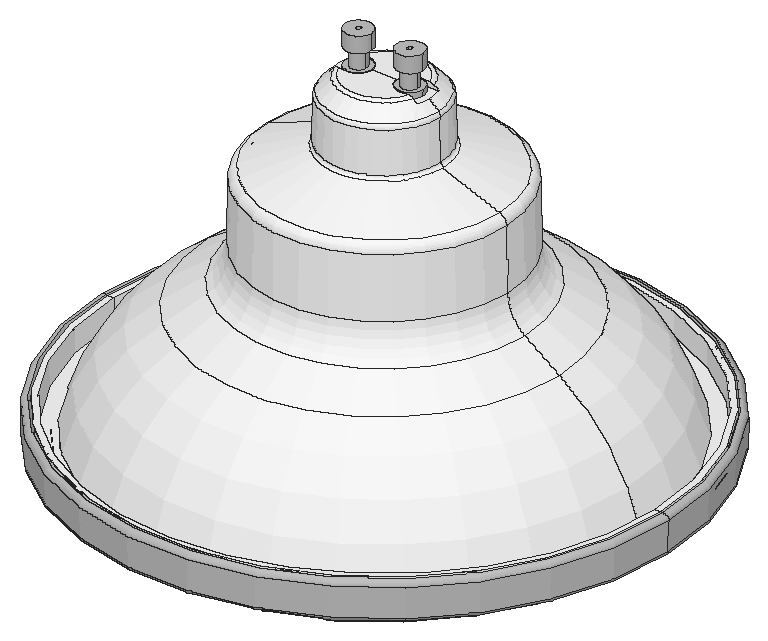
Revit family "STL21421_27_30", category Luminárias, Revit 2023
Family settings
  Cota do conector redondo = Utilizar diâmetro
  Tipo de parte = Normal
  Com base no plano de trabalho = Não
  Sempre na vertical = Sim
  Corte com vazios quando carregada = Não
  Fonte luminosa = Sim
  Manter orientação da anotação = Não
  Compartilhado = Não
  Ponto de cálculo do ambiente = Não
Parameters (values of type "STL21421/27 - BIVOLT - 2700K - 540lm - 6°")
  Ângulo de inclinação = 90.00°
  Ângulo de Abertura = "6°"
  Wattage = 3.63534 W
  URL = "https://stella.com.br/"
  Troca de temperatura da cor de lâmpada com esmaecimento = <Nenhum>
  Tensão Elétrica = "100V-240V"
  built-in parameter 1150107 = 2700 (stored number, unit not read)
  Temperatura da cor (K) = 2700 K
  Referência = "STL21421/27"
  Potência = 11 W
  built-in parameter 1150110 = 1 (stored number, unit not read)
  built-in parameter 1150109 = 1 (stored number, unit not read)
  built-in parameter 1114218 = 1 (stored number, unit not read)
  built-in parameter 1150112 = 1 (stored number, unit not read)
  built-in parameter 1150113 = 1 (stored number, unit not read)
  built-in parameter 1150142 = "IESNA:LM-63-2002\r\n[TEST] Viso BaseSpion - serial: 2183678036 sensor serial: 1483989726\r\n[TESTLAB] Viso BaseSpion - serial: 2183678036 sensor serial: 1483989726 - Test lab\r\n[MANUFAC] N/A\r\n[ISSUEDATE] 22/11/2021\r\n[LUMINAIRE] STELLA - STL21421/27 - AR111 PRO 6° 11W\r\n[LUMCAT] N/A\r\n[_SERIALNUMBER] VFR-211122-4412-MS\r\nTILT=NONE\r\n1 684 1 91 1 1 2 -0.089 -0.089 0.069\r\n1.0 1.0 11.06\r\n0 1 2 3 4 5 6 7 8 9 10 11 12 13 14 15 16 17 18 19 20 21 22 23 24 25 26 27 28 29 30 31 32 33 34 35 36 37 38 39 40 41 42 43 44 45 46 47 48 49 50 51 52 53 54 55 56 57 58 59 60 61 62 63 64 65 66 67 68 69 70 71 72 73 74 75 76 77 78 79 80\r\n 81 82 83 84 85 86 87 88 89 90\r\n0 \r\n21293.001953 19788.757813 17512.777344 14136.141602 10318.192383 6720.995117 3943.308594 2038.303955 991.784607 558.949219 393.098816 315.797058 272.670532 241.702484 215.976013 194.278397 179.588058 167.42218 156.747833 149.028748\r\n 143.332672 137.063843 131.568863 127.116379 122.569397 117.699142 111.969337 108.979378 105.977371 103.334404 99.506035 95.799171 91.261108 83.863838 76.458366 70.221375 64.66819 59.285957 54.782761 50.863178 47.085815 43.053127 38.287647\r\n 35.681805 32.274132 29.004749 26.341116 24.249819 22.084419 20.72032 18.439478 17.880819 17.68955 21.386938 29.408262 41.424812 57.014091 70.155304 78.357521 83.878784 82.650887 71.430779 52.991539 36.96629 22.344322 9.466707 2.899736\r\n 1.545644 1.349465 1.280809 1.290251 1.212442 1.285623 1.116003 1.297804 1.237502 1.38454 1.27119 1.312542 1.152389 1.072997 1.289811 1.186355 1.322486 1.200472 1.109707 1.201104 1.249564 1.502023 1.106929 0.405384\r\n"
  built-in parameter 1150132 = 2
  built-in parameter 1150137 = (empty or 0)
  Modelo = "AR111 PRO 6º 11W\r\nAR70 PRO 7º 4,7W\r\nAR 70 PRO 7º 4,7W"
  Luminoso [instance] = Luminoso - 2700K
  built-in parameter 1150106 = 0.42972 (stored number, unit not read)
  built-in parameter 1150102 = (empty or 0)
  built-in parameter 1150105 = 42.972 (stored number, unit not read)
  IRC (Índice de reprodução de cores) = ">95 (R9>80)"
  Grau de proteção (IP) = "IP20"
  Fluxo Luminoso = 540 lm
  Color Filter = 16777215
  built-in parameter 1114217 = 1 (stored number, unit not read)
  built-in parameter 1150139 = (empty or 0)
  Fabricante = "Stella"
  Estrutura [instance] = Al - Branco
  Default Elevation = 0.00 m
  built-in parameter 1150104 = 13.8 (stored number, unit not read)
  Diâmetro = 0.111 m
  Dimerização = "Não dimerizável"
  built-in parameter 1150115 = 1 (stored number, unit not read)
  built-in parameter 1150114 = 1 (stored number, unit not read)
  Cromado [instance] = Cromado
  Lumens = 540 lm
  built-in parameter 1150138 = (empty or 0)
  built-in parameter 1150134 = (empty or 0)
  Arquivo de rede fotométrica = "STELLA - STL21421-27 - AR111 PRO 6° 11W.ies"
  Altura = 0.073 m
  built-in parameter 1150133 = 10 (stored number, unit not read)
Types (3, lengths in m): name | Wattage | built-in parameter 1150107 | Temperatura da cor (K) | Referência | built-in parameter 1150142 | Luminoso | built-in parameter 1150106 | built-in parameter 1150105 | Fluxo Luminoso | Lumens | Arquivo de rede fotométrica
  (no name) | 3.63534 W | 2700 (stored number, unit not read) | 2700 K | "STL21421/27" | "IESNA:LM-63-2002\r\n[TEST] Viso BaseSpion - serial: 2183678036 sensor serial: 1483989726\r\n[TESTLAB] Viso BaseSpion - serial: 2183678036 sensor serial: 1483989726 - Test lab\r\n[MANUFAC] N/A\r\n[ISSUEDATE] 22/11/2021\r\n[LUMINAIRE] STELLA - STL21421/27 - AR111 PRO 6° 11W\r\n[LUMCAT] N/A\r\n[_SERIALNUMBER] VFR-211122-4412-MS\r\nTILT=NONE\r\n1 684 1 91 1 1 2 -0.089 -0.089 0.069\r\n1.0 1.0 11.06\r\n0 1 2 3 4 5 6 7 8 9 10 11 12 13 14 15 16 17 18 19 20 21 22 23 24 25 26 27 28 29 30 31 32 33 34 35 36 37 38 39 40 41 42 43 44 45 46 47 48 49 50 51 52 53 54 55 56 57 58 59 60 61 62 63 64 65 66 67 68 69 70 71 72 73 74 75 76 77 78 79 80\r\n 81 82 83 84 85 86 87 88 89 90\r\n0 \r\n21293.001953 19788.757813 17512.777344 14136.141602 10318.192383 6720.995117 3943.308594 2038.303955 991.784607 558.949219 393.098816 315.797058 272.670532 241.702484 215.976013 194.278397 179.588058 167.42218 156.747833 149.028748\r\n 143.332672 137.063843 131.568863 127.116379 122.569397 117.699142 111.969337 108.979378 105.977371 103.334404 99.506035 95.799171 91.261108 83.863838 76.458366 70.221375 64.66819 59.285957 54.782761 50.863178 47.085815 43.053127 38.287647\r\n 35.681805 32.274132 29.004749 26.341116 24.249819 22.084419 20.72032 18.439478 17.880819 17.68955 21.386938 29.408262 41.424812 57.014091 70.155304 78.357521 83.878784 82.650887 71.430779 52.991539 36.96629 22.344322 9.466707 2.899736\r\n 1.545644 1.349465 1.280809 1.290251 1.212442 1.285623 1.116003 1.297804 1.237502 1.38454 1.27119 1.312542 1.152389 1.072997 1.289811 1.186355 1.322486 1.200472 1.109707 1.201104 1.249564 1.502023 1.106929 0.405384\r\n" | Luminoso - 2700K | 0.42972 (stored number, unit not read) | 42.972 (stored number, unit not read) | 540 lm | 540 lm | "STELLA - STL21421-27 - AR111 PRO 6° 11W.ies"
  STL21421/27 - BIVOLT - 2700K - 540lm - 6° | 3.63534 W | 2700 (stored number, unit not read) | 2700 K | "STL21421/27" | "IESNA:LM-63-2002\r\n[TEST] Viso BaseSpion - serial: 2183678036 sensor serial: 1483989726\r\n[TESTLAB] Viso BaseSpion - serial: 2183678036 sensor serial: 1483989726 - Test lab\r\n[MANUFAC] N/A\r\n[ISSUEDATE] 22/11/2021\r\n[LUMINAIRE] STELLA - STL21421/27 - AR111 PRO 6° 11W\r\n[LUMCAT] N/A\r\n[_SERIALNUMBER] VFR-211122-4412-MS\r\nTILT=NONE\r\n1 684 1 91 1 1 2 -0.089 -0.089 0.069\r\n1.0 1.0 11.06\r\n0 1 2 3 4 5 6 7 8 9 10 11 12 13 14 15 16 17 18 19 20 21 22 23 24 25 26 27 28 29 30 31 32 33 34 35 36 37 38 39 40 41 42 43 44 45 46 47 48 49 50 51 52 53 54 55 56 57 58 59 60 61 62 63 64 65 66 67 68 69 70 71 72 73 74 75 76 77 78 79 80\r\n 81 82 83 84 85 86 87 88 89 90\r\n0 \r\n21293.001953 19788.757813 17512.777344 14136.141602 10318.192383 6720.995117 3943.308594 2038.303955 991.784607 558.949219 393.098816 315.797058 272.670532 241.702484 215.976013 194.278397 179.588058 167.42218 156.747833 149.028748\r\n 143.332672 137.063843 131.568863 127.116379 122.569397 117.699142 111.969337 108.979378 105.977371 103.334404 99.506035 95.799171 91.261108 83.863838 76.458366 70.221375 64.66819 59.285957 54.782761 50.863178 47.085815 43.053127 38.287647\r\n 35.681805 32.274132 29.004749 26.341116 24.249819 22.084419 20.72032 18.439478 17.880819 17.68955 21.386938 29.408262 41.424812 57.014091 70.155304 78.357521 83.878784 82.650887 71.430779 52.991539 36.96629 22.344322 9.466707 2.899736\r\n 1.545644 1.349465 1.280809 1.290251 1.212442 1.285623 1.116003 1.297804 1.237502 1.38454 1.27119 1.312542 1.152389 1.072997 1.289811 1.186355 1.322486 1.200472 1.109707 1.201104 1.249564 1.502023 1.106929 0.405384\r\n" | Luminoso - 2700K | 0.42972 (stored number, unit not read) | 42.972 (stored number, unit not read) | 540 lm | 540 lm | "STELLA - STL21421-27 - AR111 PRO 6° 11W.ies"
  STL21421/30 - BIVOLT - 3000K - 570lm - 6° | 3.8373 W | 3000 (stored number, unit not read) | 3000 K | "STL21421/30" | "IESNA:LM-63-2002\r\n[TEST] Viso BaseSpion - serial: 2183678036 sensor serial: 1483989726\r\n[TESTLAB] Viso BaseSpion - serial: 2183678036 sensor serial: 1483989726 - Test lab\r\n[MANUFAC] N/A\r\n[ISSUEDATE] 22/03/2023\r\n[LUMINAIRE] STELLA - STL21421/30 - AR111 PRO 6°\r\n[LUMCAT] N/A\r\n[_SERIALNUMBER] VFR-230322-8569-MS\r\nTILT=NONE\r\n1 570 1 91 1 1 2 -0.0903 -0.0903 0\r\n1.0 1.0 11.42\r\n0 1 2 3 4 5 6 7 8 9 10 11 12 13 14 15 16 17 18 19 20 21 22 23 24 25 26 27 28 29 30 31 32 33 34 35 36 37 38 39 40 41 42 43 44 45 46 47 48 49 50 51 52 53 54 55 56 57 58 59 60 61 62 63 64 65 66 67 68 69 70 71 72 73 74 75 76 77 78 79 80\r\n 81 82 83 84 85 86 87 88 89 90\r\n0 \r\n29408.630859 27144.986328 21474.355469 14294.304688 8082.595215 3987.593994 1766.484009 761.881775 389.387238 271.262634 237.565704 223.89566 205.198822 185.970047 172.097046 162.85022 154.401108 144.327621 135.74881 130.291626 125.389214\r\n 118.326332 110.583046 106.528946 103.105515 97.548744 93.200867 92.292801 90.834877 86.160179 82.20121 80.266182 78.458893 75.016731 67.99585 56.685127 43.342373 32.465584 25.880556 22.510603 20.572813 19.410973 18.010862 16.31942\r\n 14.938036 13.548355 12.698392 11.940761 11.566093 11.164443 10.347505 9.446039 8.863117 8.663464 10.915508 17.689972 30.605122 50.518272 75.009636 97.526253 106.558083 100.101418 81.437195 54.063698 25.105021 6.354025 1.490467 1.209619\r\n 1.170746 1.273953 1.31086 1.156156 1.175632 1.19845 1.221981 1.147629 1.166576 1.154603 1.126321 1.025441 1.125019 1.069976 1.090714 1.112191 1.094133 1.127903 0.883943 0.92963 1.021731 1.04491 0.49455\r\n" | Luminoso - 3000K | 294.09 (stored number, unit not read) | 29408.6 (stored number, unit not read) | 570 lm | 570 lm | "STELLA - STL21421-30 - AR111 PRO 6°.ies"
Reference planes (m)
  plane 1 "Centro (Frente/Trás)": y = 0
  plane 2: z = 0
  plane 3 "Centro (Esquerda/Direita)": x = 0
  plane 4: x = 0.0555
  plane 5: x = -0.0555
  plane 6 "Superior": z = 0.069061
  plane 7 "Base": z = -0.003939
  plane 8: y = 0.0555
  plane 9: y = -0.0555
Forms (m)
  Revolve 1, solid, material "Al - Branco" <- "Estrutura"
    sketch origin (0, 0, 0) x (1, 0, 0) y (0, 0, 1)
      loop
        line (0.007285, 0.06273) -> (0, 0.06273) -> (0, 0.06113) -> (0.007693, 0.06113) -> (0.009652, 0.059171) -> (0.009795, 0.051003)
        arc (0.009795, 0.051003) -> (0.010072, 0.050161) -> (0.010775, 0.049622) r 0.0015
        line (0.010775, 0.049622) -> (0.022, 0.04548)
        arc (0.022, 0.04548) -> (0.022375, 0.045192) -> (0.022523, 0.044743) r 0.0008
        line (0.022523, 0.044743) -> (0.022724, 0.033247)
        arc (0.022724, 0.033247) -> (0.023752, 0.029177) -> (0.026481, 0.025988) r 0.0092
        arc (0.026481, 0.025988) -> (0.029879, 0.023602) -> (0.033372, 0.021357) r 0.1012
        arc (0.033372, 0.021357) -> (0.043002, 0.012443) -> (0.048493, 0.000524) r 0.03367
        arc (0.048493, 0.000524) -> (0.048717, 0.000171) -> (0.049111, 0.00003) r 0.000645
        line (0.049111, 0.00003) -> (0.053097, 0.00003) -> (0.053658, 0.000966) -> (0.053658, 0.004405) -> (0.053599, 0.00553) -> (0.052541, 0.00553) -> (0.052428, 0.00123) -> (0.049555, 0.00123)
        arc (0.049555, 0.00123) -> (0.043844, 0.013325) -> (0.034, 0.02238) r 0.03487
        arc (0.034, 0.02238) -> (0.030549, 0.024598) -> (0.027191, 0.026956) r 0.1
        arc (0.027191, 0.026956) -> (0.024818, 0.029729) -> (0.023923, 0.033268) r 0.008
        line (0.023923, 0.033268) -> (0.023723, 0.044764)
        arc (0.023723, 0.044764) -> (0.023354, 0.045887) -> (0.022415, 0.046605) r 0.002
        line (0.022415, 0.046605) -> (0.011441, 0.050654)
        arc (0.011441, 0.050654) -> (0.011096, 0.050932) -> (0.010989, 0.051361) r 0.000694
        line (0.010989, 0.051361) -> (0.010853, 0.059153)
        arc (0.010853, 0.059153) -> (0.010757, 0.059629) -> (0.010487, 0.060033) r 0.00125
        line (0.010487, 0.060033) -> (0.008083, 0.062437)
        arc (0.008083, 0.062437) -> (0.007716, 0.062671) -> (0.007285, 0.06273) r 0.001012
      axis (0, 0.06273) -> (0, 0.00003)
    angle from 0 to 360
  Revolve 2, solid, material "Cromado" <- "Cromado"
    sketch origin (0, 0, 0) x (1, 0, 0) y (0, 0, 1)
      loop
        line (0.054096, 0.005561) -> (0.053701, 0.004561) -> (0.054001, 0.00375) -> (0.053798, -0.000139) -> (0.050537, -0.000139)
        arc (0.050537, -0.000139) -> (0.050464, -0.000543) -> (0.050177, -0.000839) r 0.000705
        line (0.050177, -0.000839) -> (0.049377, -0.000839) -> (0.049288, -0.002539) -> (0.047504, -0.002539)
        arc (0.047504, -0.002539) -> (0.046652, -0.002206) -> (0.045847, -0.001774) r 0.0076
        arc (0.045847, -0.001774) -> (0.037327, 0.011832) -> (0.027196, 0.024285) r 0.130023
        line (0.027196, 0.024285) -> (0.025493, 0.02558)
        arc (0.025493, 0.02558) -> (0.025099, 0.025834) -> (0.024636, 0.025909) r 0.001143
        line (0.024636, 0.025909) -> (0.02024, 0.025909) -> (0.020198, 0.026708) -> (0.018699, 0.026708) -> (0.01875, 0.024759) -> (0.024373, 0.024759)
        arc (0.024373, 0.024759) -> (0.024777, 0.024674) -> (0.025112, 0.024432) r 0.001
        arc (0.025112, 0.024432) -> (0.035614, 0.01181) -> (0.04443, -0.002043) r 0.129217
        arc (0.04443, -0.002043) -> (0.044708, -0.002406) -> (0.04506, -0.002696) r 0.002
        arc (0.04506, -0.002696) -> (0.046536, -0.003463) -> (0.04813, -0.003939) r 0.0088
        line (0.04813, -0.003939) -> (0.050354, -0.003939)
        arc (0.050354, -0.003939) -> (0.050706, -0.003794) -> (0.050854, -0.003443) r 0.0005
        line (0.050854, -0.003443) -> (0.050867, -0.001934)
        arc (0.050867, -0.001934) -> (0.051015, -0.001583) -> (0.051367, -0.001439) r 0.0005
        line (0.051367, -0.001439) -> (0.054482, -0.001439)
        arc (0.054482, -0.001439) -> (0.054898, -0.001279) -> (0.055079, -0.000873) r 0.000581
        line (0.055079, -0.000873) -> (0.05522, 0.00453)
        arc (0.05522, 0.00453) -> (0.054893, 0.005302) -> (0.054096, 0.005561) r 0.001011
      axis (0, 0.026708) -> (0, -0.003939)
    angle from 0 to 360
  Revolve 3, solid, material "Cromado" <- "Cromado"
    sketch origin (0, 0, 0) x (1, 0, 0) y (0, 0, 1)
      loop
        line (-0.01728, 0.008359) -> (0, 0.008359) -> (0, 0.018349) -> (-0.003355, 0.018349) -> (-0.00346, 0.016349) -> (-0.007257, 0.016349) -> (-0.009669, 0.025349) -> (-0.01429, 0.025349) -> (-0.0145, 0.028349) -> (-0.02295, 0.028349) -> (-0.02295, 0.026909) -> (-0.0185, 0.026909) -> (-0.017653, 0.026909)
        arc (-0.017653, 0.026909) -> (-0.013689, 0.020076) -> (-0.007514, 0.015149) r 0.021376
        line (-0.007514, 0.015149) -> (-0.002908, 0.015149) -> (-0.002682, 0.010829) -> (-0.010118, 0.010061) -> (-0.017906, 0.010061) -> (-0.017846, 0.008926)
        arc (-0.017846, 0.008926) -> (-0.01768, 0.008525) -> (-0.01728, 0.008359) r 0.000567
      axis (0, 0.028349) -> (0, 0.008359)
    angle from 0 to 360
  Extrusion 4, void
    sketch origin (0, -0.129323, 0) x (1, 0, 0) y (0, 1, 0)
      loop
        arc (-0.002358, 0.129323) -> (-0.003131, 0.131192) -> (-0.005, 0.131966) r 0.002642
        line (-0.005, 0.131966) -> (-0.008729, 0.131966)
        arc (-0.008729, 0.131966) -> (-0.009022, 0.130744) -> (-0.009136, 0.129493) r 0.008759
        arc (-0.009136, 0.129493) -> (-0.009047, 0.12807) -> (-0.008729, 0.126681) r 0.008759
        line (-0.008729, 0.126681) -> (-0.005, 0.126681)
        arc (-0.005, 0.126681) -> (-0.003131, 0.127455) -> (-0.002358, 0.129323) r 0.002642
    from 0.06173 to 0.063022
  Extrusion 5, solid, material "Cromado" <- "Cromado"
    sketch origin (0, 0, 0) x (1, 0, 0) y (0, 1, 0)
      loop
        circle (-0.005, 0) r 0.0025
    from 0.06173 to 0.06273
  Extrusion 6, solid, material "Cromado" <- "Cromado"
    sketch origin (0, 0, 0) x (1, 0, 0) y (0, 1, 0)
      loop
        circle (-0.005, 0) r 0.0015
    from 0.066126 to 0.06173
  Extrusion 7, solid, material "Cromado" <- "Cromado"
    sketch origin (0, 0, 0) x (1, 0, 0) y (0, 1, 0)
      loop
        circle (-0.005, 0) r 0.0025
    from 0.066126 to 0.069061
  Extrusion 8, solid, material "Cromado" <- "Cromado"
    sketch origin (0, 0, 0) x (-1, 0, 0) y (0, -1, 0)
      loop
        circle (-0.005, 0) r 0.0025
    from 0.06173 to 0.06273
  Extrusion 9, solid, material "Cromado" <- "Cromado"
    sketch origin (0, 0, 0) x (-1, 0, 0) y (0, -1, 0)
      loop
        circle (-0.005, 0) r 0.0015
    from 0.06173 to 0.066126
  Extrusion 10, solid, material "Cromado" <- "Cromado"
    sketch origin (0, 0, 0) x (-1, 0, 0) y (0, -1, 0)
      loop
        circle (-0.005, 0) r 0.0025
    from 0.066126 to 0.069061
  Extrusion 11, void
    sketch origin (0, -0.129323, 0) x (-1, 0, 0) y (0, -1, 0)
      loop
        arc (-0.002358, -0.129323) -> (-0.003131, -0.127455) -> (-0.005, -0.126681) r 0.002642
        line (-0.005, -0.126681) -> (-0.008729, -0.126681)
        arc (-0.008729, -0.126681) -> (-0.009047, -0.12807) -> (-0.009136, -0.129493) r 0.008759
        arc (-0.009136, -0.129493) -> (-0.009022, -0.130744) -> (-0.008729, -0.131966) r 0.008759
        line (-0.008729, -0.131966) -> (-0.005, -0.131966)
        arc (-0.005, -0.131966) -> (-0.003131, -0.131192) -> (-0.002358, -0.129323) r 0.002642
    from 0.06173 to 0.063022
  Extrusion 12, void
    sketch origin (0, 0, 0) x (1, 0, 0) y (0, 1, 0)
      loop
        circle (-0.005, 0) r 0.00045
    from 0.06173 to 0.069061
  Extrusion 13, void
    sketch origin (0, 0, 0) x (-1, 0, 0) y (0, -1, 0)
      loop
        circle (-0.005, 0) r 0.00045
    from 0.06173 to 0.069061
  Revolve 14, solid, material "Luminoso - 2700K" <- "Luminoso"
    sketch origin (0, 0, 0.002657) x (1, 0, 0) y (0, 0, 1)
      loop
        arc (-0.0185, 0.024252) -> (-0.014322, 0.016927) -> (-0.007711, 0.011692) r 0.022176
        line (-0.007711, 0.011692) -> (-0.003667, 0.011692) -> (-0.00352, 0.00889) -> (-0.017906, 0.007405) -> (-0.010118, 0.007405) -> (-0.002682, 0.008173) -> (-0.002908, 0.012492) -> (-0.007514, 0.012492)
        arc (-0.007514, 0.012492) -> (-0.013689, 0.017419) -> (-0.017653, 0.024252) r 0.021376
        line (-0.017653, 0.024252) -> (-0.0185, 0.024252)
      axis (0, 0.024252) -> (0, 0.007405)
    angle from 0 to 360
Cuts and joins
  Extrusion 4, Extrusion 11 cuts Revolve 1
  Extrusion 12, Extrusion 13 cuts Extrusion 5
  Extrusion 11, Extrusion 12, Extrusion 13 cuts Extrusion 6
  Extrusion 12, Extrusion 13 cuts Extrusion 7
  joined: Extrusion 5, Extrusion 6, Extrusion 7
  Extrusion 13 cuts Extrusion 8
  Extrusion 13 cuts Extrusion 9
  Extrusion 13 cuts Extrusion 10
  joined: Extrusion 8, Extrusion 9, Extrusion 10
Lines and regions (m)
  model lines
    curve 1: line (0, 0.001599, 0.0553) -> (0, -0.004963, 0.0553)
    curve 2: line (0.006069, 0, 0.063061) -> (0.006069, 0, 0.060161)
Dimensions and locks (m)
  "Altura": plane 6 "Superior" to plane 7 "Base"
  "Diâmetro": plane 5 to plane 4
  aligned and locked: level to plane 2
  aligned and locked: Extrusion 7 to Extrusion 12
  aligned and locked: Extrusion 10 to cut or joined group of Extrusion 5, Extrusion 6, Extrusion 7, Extrusion 11, Extrusion 12, Extrusion 13
Automatic sketch dimensions
  curve 1 to plane 1 "Centro (Frente/Trás)" = 0.001599 m
  plane 1 "Centro (Frente/Trás)" to curve 1 = 0.004963 m
  Extrusion 4 sketch curve to Extrusion 4 sketch curve = 0.00 m  (x4)
  plane 1 "Centro (Frente/Trás)" to Extrusion 4 sketch curve = 0.00 m  (x2)
  plane 1 "Centro (Frente/Trás)" to Extrusion 4 sketch curve = 0.002642 m
  Extrusion 4 sketch curve to plane 3 "Centro (Esquerda/Direita)" = 0.008729 m
  Extrusion 4 sketch curve to Extrusion 4 sketch curve = 0.003729 m
  Extrusion 4 sketch curve to plane 3 "Centro (Esquerda/Direita)" = 0.000379 m
  Extrusion 4 sketch curve to plane 1 "Centro (Frente/Trás)" = 0.00017 m
  plane 1 "Centro (Frente/Trás)" to Extrusion 5 sketch curve = 0.00 m
  Extrusion 5 sketch curve to plane 3 "Centro (Esquerda/Direita)" = 0.005 m
  plane 1 "Centro (Frente/Trás)" to Extrusion 6 sketch curve = 0.00 m
  Extrusion 6 sketch curve to plane 3 "Centro (Esquerda/Direita)" = 0.005 m
  plane 1 "Centro (Frente/Trás)" to Extrusion 7 sketch curve = 0.00 m
  Extrusion 7 sketch curve to plane 3 "Centro (Esquerda/Direita)" = 0.005 m
  plane 1 "Centro (Frente/Trás)" to Extrusion 8 sketch curve = 0.00 m
  plane 3 "Centro (Esquerda/Direita)" to Extrusion 8 sketch curve = 0.005 m
  plane 1 "Centro (Frente/Trás)" to Extrusion 9 sketch curve = 0.00 m
  plane 3 "Centro (Esquerda/Direita)" to Extrusion 9 sketch curve = 0.005 m
  plane 1 "Centro (Frente/Trás)" to Extrusion 10 sketch curve = 0.00 m
  plane 3 "Centro (Esquerda/Direita)" to Extrusion 10 sketch curve = 0.005 m
  Extrusion 11 sketch curve to Extrusion 11 sketch curve = 0.00 m  (x4)
  plane 1 "Centro (Frente/Trás)" to Extrusion 11 sketch curve = 0.00 m  (x2)
  plane 1 "Centro (Frente/Trás)" to Extrusion 11 sketch curve = 0.002642 m
  plane 3 "Centro (Esquerda/Direita)" to Extrusion 11 sketch curve = 0.008729 m
  Extrusion 11 sketch curve to Extrusion 11 sketch curve = 0.003729 m
  plane 3 "Centro (Esquerda/Direita)" to Extrusion 11 sketch curve = 0.000379 m
  Extrusion 11 sketch curve to plane 1 "Centro (Frente/Trás)" = 0.00017 m
  plane 1 "Centro (Frente/Trás)" to Extrusion 12 sketch curve = 0.00 m
  Extrusion 12 sketch curve to plane 3 "Centro (Esquerda/Direita)" = 0.005 m
  plane 1 "Centro (Frente/Trás)" to Extrusion 13 sketch curve = 0.00 m
  plane 3 "Centro (Esquerda/Direita)" to Extrusion 13 sketch curve = 0.005 m
  level to curve 1 = 0.0553 m
  Revolve 1 sketch curve to Revolve 1 sketch curve = 0.00 m  (x13)
  Revolve 1 sketch curve to plane 3 "Centro (Esquerda/Direita)" = 0.00 m  (x2)
  Revolve 1 sketch curve to Revolve 1 sketch curve = 0.007285 m
  Revolve 1 sketch curve to Revolve 1 sketch curve = 0.000083 m
  Revolve 1 sketch curve to Revolve 1 sketch curve = 0.000325 m
  Revolve 1 sketch curve to Revolve 1 sketch curve = 0.000799 m
  Revolve 1 sketch curve to Revolve 1 sketch curve = 0.00191 m
  Revolve 1 sketch curve to Revolve 1 sketch curve = 0.000049 m
  Revolve 1 sketch curve to Revolve 1 sketch curve = 0.000192 m
  Revolve 1 sketch curve to Revolve 1 sketch curve = 0.000835 m
  Revolve 1 sketch curve to Revolve 1 sketch curve = 0.00098 m
  Revolve 1 sketch curve to Revolve 1 sketch curve = 0.000366 m
  Revolve 1 sketch curve to Revolve 1 sketch curve = 0.001194 m
  Revolve 1 sketch curve to Revolve 1 sketch curve = 0.000306 m
  Revolve 1 sketch curve to Revolve 1 sketch curve = 0.000146 m
  Revolve 1 sketch curve to Revolve 1 sketch curve = 0.000386 m
  Revolve 1 sketch curve to plane 7 "Base" = 0.003396 m
  plane 3 "Centro (Esquerda/Direita)" to Revolve 1 sketch curve = 0.015752 m
  Revolve 1 sketch curve to Revolve 1 sketch curve = 0.010282 m
  Revolve 1 sketch curve to Revolve 1 sketch curve = 0.000277 m
  Revolve 1 sketch curve to Revolve 1 sketch curve = 0.0008 m
  Revolve 1 sketch curve to Revolve 1 sketch curve = 0.000201 m
  Revolve 1 sketch curve to Revolve 1 sketch curve = 0.0012 m  (x2)
  Revolve 1 sketch curve to Revolve 1 sketch curve = 0.007999 m
  level to Revolve 1 sketch curve = 0.00003 m
  Revolve 1 sketch curve to Revolve 1 sketch curve = 0.000009 m
  Revolve 1 sketch curve to Revolve 1 sketch curve = 0.000435 m
  level to Revolve 1 sketch curve = 0.00123 m
  Revolve 1 sketch curve to Revolve 1 sketch curve = 0.002873 m
  Revolve 1 sketch curve to plane 4 = 0.002959 m
  Revolve 1 sketch curve to Revolve 1 sketch curve = 0.000669 m
  plane 4 to Revolve 1 sketch curve = 0.03083 m
  Revolve 1 sketch curve to Revolve 1 sketch curve = 0.000645 m
  Revolve 1 sketch curve to Revolve 1 sketch curve = 0.0043 m
  level to Revolve 1 sketch curve = 0.033247 m
  Revolve 1 sketch curve to Revolve 1 sketch curve = 0.000021 m  (x3)
  Revolve 1 sketch curve to Revolve 1 sketch curve = 0.00014 m
  Revolve 1 sketch curve to Revolve 1 sketch curve = 0.000014 m
  Revolve 1 sketch curve to Revolve 1 sketch curve = 0.004143 m
  Revolve 1 sketch curve to Revolve 1 sketch curve = 0.001032 m
  Revolve 1 sketch curve to Revolve 1 sketch curve = 0.000349 m
  Revolve 1 sketch curve to Revolve 1 sketch curve = 0.000276 m
  Revolve 1 sketch curve to Revolve 1 sketch curve = 0.007789 m
  Revolve 1 sketch curve to Revolve 1 sketch curve = 0.000003 m
  Revolve 1 sketch curve to Revolve 1 sketch curve = 0.00198 m
  Revolve 1 sketch curve to Revolve 1 sketch curve = 0.000592 m
  Revolve 1 sketch curve to Revolve 1 sketch curve = 0.000715 m
  plane 6 "Superior" to Revolve 1 sketch curve = 0.038533 m
  Revolve 1 sketch curve to Revolve 1 sketch curve = 0.000415 m
  Revolve 1 sketch curve to Revolve 1 sketch curve = 0.001058 m
  Revolve 1 sketch curve to Revolve 1 sketch curve = 0.000561 m
  Revolve 1 sketch curve to Revolve 1 sketch curve = 0.000059 m
  Revolve 1 sketch curve to plane 7 "Base" = 0.000017 m
  level to Revolve 1 sketch curve = 0.000966 m
  Revolve 1 sketch curve to Revolve 1 sketch curve = 0.001125 m
  Revolve 1 sketch curve to Revolve 1 sketch curve = 0.00473 m
  Revolve 1 sketch curve to Revolve 1 sketch curve = 0.011482 m
  Revolve 2 sketch curve to Revolve 2 sketch curve = 0.00 m  (x2)
  Revolve 2 sketch curve to plane 3 "Centro (Esquerda/Direita)" = 0.00 m
  Revolve 2 sketch curve to plane 7 "Base" = 0.00 m
  Revolve 2 sketch curve to plane 5 = 0.012903 m
  Revolve 2 sketch curve to Revolve 2 sketch curve = 0.000368 m
  plane 3 "Centro (Esquerda/Direita)" to Revolve 2 sketch curve = 0.018699 m
  Revolve 2 sketch curve to Revolve 2 sketch curve = 0.000051 m
  Revolve 2 sketch curve to Revolve 2 sketch curve = 0.001499 m
  Revolve 2 sketch curve to Revolve 2 sketch curve = 0.000042 m
  Revolve 2 sketch curve to Revolve 2 sketch curve = 0.004133 m
  Revolve 2 sketch curve to Revolve 2 sketch curve = 0.000263 m
  Revolve 2 sketch curve to Revolve 2 sketch curve = 0.000316 m
  Revolve 2 sketch curve to Revolve 2 sketch curve = 0.000857 m
  Revolve 2 sketch curve to Revolve 2 sketch curve = 0.001703 m
  Revolve 2 sketch curve to level = 0.001016 m
  Revolve 2 sketch curve to plane 4 = 0.009354 m
  Revolve 2 sketch curve to Revolve 2 sketch curve = 0.001357 m
  Revolve 2 sketch curve to Revolve 2 sketch curve = 0.000626 m
  plane 7 "Base" to Revolve 2 sketch curve = 0.0014 m
  Revolve 2 sketch curve to Revolve 2 sketch curve = 0.001784 m
  Revolve 2 sketch curve to level = 0.000839 m
  Revolve 2 sketch curve to Revolve 2 sketch curve = 0.000089 m
  Revolve 2 sketch curve to level = 0.000221 m
  Revolve 2 sketch curve to Revolve 2 sketch curve = 0.000459 m
  Revolve 2 sketch curve to Revolve 2 sketch curve = 0.000002 m
  Revolve 2 sketch curve to Revolve 2 sketch curve = 0.000341 m
  Revolve 2 sketch curve to Revolve 2 sketch curve = 0.001066 m
  Revolve 2 sketch curve to level = 0.000139 m
  plane 7 "Base" to Revolve 2 sketch curve = 0.000496 m
  Revolve 2 sketch curve to Revolve 2 sketch curve = 0.0005 m  (x2)
  Revolve 2 sketch curve to level = 0.001934 m
  Revolve 2 sketch curve to Revolve 2 sketch curve = 0.00069 m
  Revolve 2 sketch curve to plane 4 = 0.001799 m
  Revolve 2 sketch curve to plane 4 = 0.001702 m
  Revolve 2 sketch curve to Revolve 2 sketch curve = 0.0003 m
  Revolve 2 sketch curve to Revolve 2 sketch curve = 0.000395 m
  Revolve 2 sketch curve to Revolve 2 sketch curve = 0.000509 m  (x2)
  Revolve 2 sketch curve to plane 4 = 0.001018 m
  Revolve 2 sketch curve to Revolve 2 sketch curve = 0.000016 m
  Revolve 2 sketch curve to plane 4 = 0.000421 m
  Revolve 2 sketch curve to plane 4 = 0.00028 m
  Revolve 2 sketch curve to Revolve 2 sketch curve = 0.000004 m
  Revolve 2 sketch curve to Revolve 2 sketch curve = 0.000566 m
  level to Revolve 2 sketch curve = 0.00375 m
  Revolve 2 sketch curve to Revolve 2 sketch curve = 0.00078 m
  Revolve 2 sketch curve to Revolve 2 sketch curve = 0.000807 m
  Revolve 2 sketch curve to Revolve 2 sketch curve = 0.000005 m
  Revolve 2 sketch curve to Revolve 2 sketch curve = 0.000133 m
  level to Revolve 2 sketch curve = 0.023759 m
  Revolve 2 sketch curve to Revolve 2 sketch curve = 0.000526 m
  Revolve 2 sketch curve to Revolve 2 sketch curve = 0.001 m
  Revolve 2 sketch curve to Revolve 2 sketch curve = 0.000009 m
  Revolve 2 sketch curve to Revolve 2 sketch curve = 0.000812 m
  Revolve 2 sketch curve to Revolve 2 sketch curve = 0.000799 m
  Revolve 2 sketch curve to plane 7 "Base" = 0.004033 m
  Revolve 2 sketch curve to plane 6 "Superior" = 0.005438 m
  Revolve 2 sketch curve to plane 7 "Base" = 0.059907 m
  Revolve 2 sketch curve to Revolve 2 sketch curve = 0.000423 m
  Revolve 2 sketch curve to Revolve 2 sketch curve = 0.00063 m
  Revolve 3 sketch curve to plane 3 "Centro (Esquerda/Direita)" = 0.00 m  (x2)
  Revolve 3 sketch curve to plane 3 "Centro (Esquerda/Direita)" = 0.002682 m
  Revolve 3 sketch curve to plane 3 "Centro (Esquerda/Direita)" = 0.002908 m
  Revolve 3 sketch curve to Revolve 3 sketch curve = 0.000447 m
  Revolve 3 sketch curve to Revolve 3 sketch curve = 0.000552 m
  Revolve 3 sketch curve to Revolve 3 sketch curve = 0.003797 m
  Revolve 3 sketch curve to Revolve 3 sketch curve = 0.000257 m
  Revolve 3 sketch curve to Revolve 3 sketch curve = 0.002412 m
  Revolve 3 sketch curve to Revolve 3 sketch curve = 0.004622 m
  Revolve 3 sketch curve to Revolve 3 sketch curve = 0.00021 m
  Revolve 3 sketch curve to Revolve 3 sketch curve = 0.009766 m
  Revolve 3 sketch curve to Revolve 3 sketch curve = 0.003153 m
  Revolve 3 sketch curve to Revolve 3 sketch curve = 0.000567 m
  Revolve 3 sketch curve to Revolve 3 sketch curve = 0.00006 m
  Revolve 3 sketch curve to Revolve 3 sketch curve = 0.000847 m
  Revolve 3 sketch curve to Revolve 3 sketch curve = 0.00445 m
  plane 3 "Centro (Esquerda/Direita)" to Revolve 3 sketch curve = 0.0025 m
  level to Revolve 3 sketch curve = 0.008359 m
  Revolve 3 sketch curve to Revolve 3 sketch curve = 0.001136 m
  Revolve 3 sketch curve to Revolve 3 sketch curve = 0.00247 m
  Revolve 3 sketch curve to Revolve 3 sketch curve = 0.005088 m
  Revolve 3 sketch curve to Revolve 3 sketch curve = 0.0012 m
  Revolve 3 sketch curve to Revolve 3 sketch curve = 0.002 m
  Revolve 3 sketch curve to Revolve 3 sketch curve = 0.009 m
  Revolve 3 sketch curve to Revolve 3 sketch curve = 0.00156 m
  Revolve 3 sketch curve to Revolve 3 sketch curve = 0.003 m
  Revolve 3 sketch curve to Revolve 3 sketch curve = 0.002604 m
  Revolve 3 sketch curve to plane 7 "Base" = 0.001544 m
  Revolve 3 sketch curve to Revolve 3 sketch curve = 0.007096 m
  Revolve 14 sketch curve to Revolve 14 sketch curve = 0.00 m  (x2)
  Revolve 14 sketch curve to plane 3 "Centro (Esquerda/Direita)" = 0.00 m
  Revolve 14 sketch curve to plane 3 "Centro (Esquerda/Direita)" = 0.002682 m
  Revolve 14 sketch curve to plane 3 "Centro (Esquerda/Direita)" = 0.002908 m
  Revolve 14 sketch curve to Revolve 14 sketch curve = 0.000759 m
  Revolve 14 sketch curve to Revolve 14 sketch curve = 0.003847 m
  Revolve 14 sketch curve to Revolve 14 sketch curve = 0.000197 m
  Revolve 14 sketch curve to Revolve 14 sketch curve = 0.010986 m
  plane 3 "Centro (Esquerda/Direita)" to Revolve 14 sketch curve = 0.0025 m
  level to Revolve 14 sketch curve = 0.010829 m
  Revolve 14 sketch curve to Revolve 14 sketch curve = 0.00352 m
  Revolve 14 sketch curve to Revolve 14 sketch curve = 0.0008 m
  Revolve 14 sketch curve to Revolve 14 sketch curve = 0.000839 m
  Revolve 14 sketch curve to Revolve 14 sketch curve = 0.000847 m
  Revolve 14 sketch curve to Revolve 14 sketch curve = 0.007788 m
  Revolve 14 sketch curve to Revolve 14 sketch curve = 0.000718 m
  Revolve 14 sketch curve to Revolve 14 sketch curve = 0.001486 m
  level to Revolve 14 sketch curve = 0.005258 m
  Revolve 14 sketch curve to Revolve 14 sketch curve = 0.007679 m
  Revolve 14 sketch curve to Revolve 14 sketch curve = 0.010195 m
  plane 3 "Centro (Esquerda/Direita)" to curve 2 = 0.006069 m
  curve 2 to plane 6 "Superior" = 0.0089 m
  curve 2 to curve 2 = 0.0029 m
  radius of Extrusion 5 sketch curve = 0.0025 m
  radius of Extrusion 6 sketch curve = 0.0015 m
  radius of Extrusion 7 sketch curve = 0.0025 m
  radius of Extrusion 8 sketch curve = 0.0025 m
  radius of Extrusion 9 sketch curve = 0.0015 m
  radius of Extrusion 10 sketch curve = 0.0025 m
  radius of Extrusion 12 sketch curve = 0.00045 m
  radius of Extrusion 13 sketch curve = 0.00045 m
Connectors (m)
  electrical at (0, 0, 0.069061)
    settings: index 1, voltage 0 V, apparent load 0 VA, apparent load phase1 0 VA, apparent load phase2 0 VA, apparent load phase3 0 VA, power factor 1, load classification "Outro", number of poles 1, system type 31, power factor state 1, is connector primary yes, connector utility no, sub classification motor no, connector description ""
